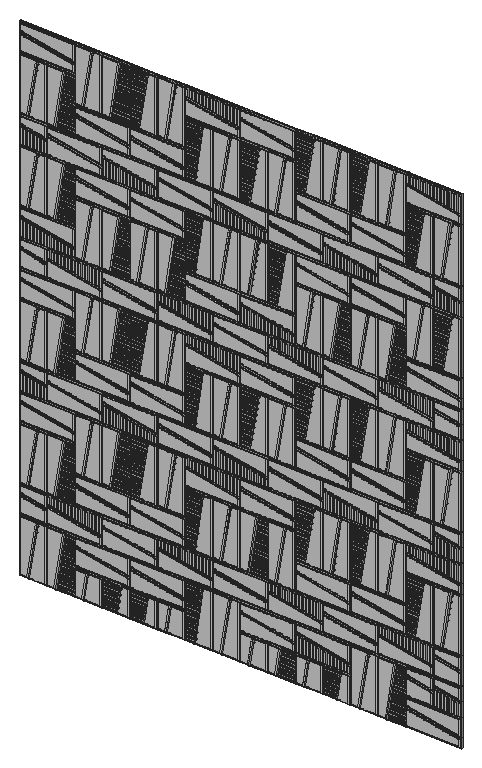
Revit family "SUR-CRV-023_RFA", category Modelos genéricos, Revit 2022 (continued)
Definition of nested family "SUR-CRV-023_B_RFA"
  Forms (in)
    Blend 39, solid, not visible
      top sketch origin (0, 0, 0) x (1, 0, 0) y (0, 0, 1)
        loop
          line (11.76378, 5.76378) -> (0.23622, 5.76378) -> (0.23622, 4.19685) -> (11.76378, 2.27559) -> (11.76378, 5.76378)
      from -0.35433 to -0.11811
    Blend 40, solid, not visible
      base sketch origin (0, 0, 0) x (1, 0, 0) y (0, 0, 1)
        loop
          line (11.76378, 5.76378) -> (0.23622, 5.76378) -> (0.23622, 4.19685) -> (11.76378, 2.27559) -> (11.76378, 5.76378)
      top sketch origin (0, 0, 0) x (1, 0, 0) y (0, 0, 1)
        loop
          line (11.64567, 2.41339) -> (11.64567, 5.64567) -> (0.35433, 5.64567) -> (0.35433, 4.29528) -> (11.64567, 2.41339)
      from -0.11811 to 0
    Blend 41, solid, not visible
      base sketch origin (0.75, 0, 0) x (1, 0, 0) y (0, 0, 1)
        loop
          line (0, 0) -> (0.75, 0) -> (0.75, 3.75) -> (0, 3.875) -> (0, 0)
      top sketch origin (0.75, 0, 0) x (1, 0, 0) y (0, 0, 1)
        loop
          line (0.23622, 3.59941) -> (0.23622, 0.23622) -> (0.51378, 0.23622) -> (0.51378, 3.55315) -> (0.23622, 3.59941)
      from -0.35433 to -0.11811
    Blend 42, solid, not visible
      base sketch origin (0.75, 0, 0) x (1, 0, 0) y (0, 0, 1)
        loop
          line (0.23622, 3.59941) -> (0.23622, 0.23622) -> (0.51378, 0.23622) -> (0.51378, 3.55315) -> (0.23622, 3.59941)
      top sketch origin (0.75, 0, 0) x (1, 0, 0) y (0, 0, 1)
        loop
          line (0.35433, 3.46161) -> (0.35433, 0.35433) -> (0.39567, 0.35433) -> (0.39567, 3.45472) -> (0.35433, 3.46161)
      from -0.11811 to 0
    Blend 43, solid, not visible
      base sketch origin (1.5, 0, 0) x (1, 0, 0) y (0, 0, 1)
        loop
          line (0, 0) -> (0.75, 0) -> (0.75, 3.625) -> (0, 3.75) -> (0, 0)
      top sketch origin (1.5, 0, 0) x (1, 0, 0) y (0, 0, 1)
        loop
          line (0.23622, 3.47441) -> (0.23622, 0.23622) -> (0.51378, 0.23622) -> (0.51378, 3.42815) -> (0.23622, 3.47441)
      from -0.35433 to -0.11811
    Blend 44, solid, not visible
      base sketch origin (1.5, 0, 0) x (1, 0, 0) y (0, 0, 1)
        loop
          line (0.23622, 3.47441) -> (0.23622, 0.23622) -> (0.51378, 0.23622) -> (0.51378, 3.42815) -> (0.23622, 3.47441)
      top sketch origin (1.5, 0, 0) x (1, 0, 0) y (0, 0, 1)
        loop
          line (0.35433, 3.33661) -> (0.35433, 0.35433) -> (0.39567, 0.35433) -> (0.39567, 3.32972) -> (0.35433, 3.33661)
      from -0.11811 to 0
    Blend 45, solid, not visible
      base sketch origin (2.25, 0, 0) x (1, 0, 0) y (0, 0, 1)
        loop
          line (0, 0) -> (0.75, 0) -> (0.75, 3.5) -> (0, 3.625) -> (0, 0)
      top sketch origin (2.25, 0, 0) x (1, 0, 0) y (0, 0, 1)
        loop
          line (0.23622, 3.34941) -> (0.23622, 0.23622) -> (0.51378, 0.23622) -> (0.51378, 3.30315) -> (0.23622, 3.34941)
      from -0.35433 to -0.11811
    Blend 46, solid, not visible
      base sketch origin (2.25, 0, 0) x (1, 0, 0) y (0, 0, 1)
        loop
          line (0.23622, 3.34941) -> (0.23622, 0.23622) -> (0.51378, 0.23622) -> (0.51378, 3.30315) -> (0.23622, 3.34941)
      top sketch origin (2.25, 0, 0) x (1, 0, 0) y (0, 0, 1)
        loop
          line (0.35433, 3.21161) -> (0.35433, 0.35433) -> (0.39567, 0.35433) -> (0.39567, 3.20472) -> (0.35433, 3.21161)
      from -0.11811 to 0
    Blend 47, solid, not visible
      base sketch origin (3, 0, 0) x (1, 0, 0) y (0, 0, 1)
        loop
          line (0, 0) -> (0.75, 0) -> (0.75, 3.375) -> (0, 3.5) -> (0, 0)
      top sketch origin (3, 0, 0) x (1, 0, 0) y (0, 0, 1)
        loop
          line (0.23622, 3.22441) -> (0.23622, 0.23622) -> (0.51378, 0.23622) -> (0.51378, 3.17815) -> (0.23622, 3.22441)
      from -0.35433 to -0.11811
    Blend 48, solid, not visible
      base sketch origin (3, 0, 0) x (1, 0, 0) y (0, 0, 1)
        loop
          line (0.23622, 3.22441) -> (0.23622, 0.23622) -> (0.51378, 0.23622) -> (0.51378, 3.17815) -> (0.23622, 3.22441)
      top sketch origin (3, 0, 0) x (1, 0, 0) y (0, 0, 1)
        loop
          line (0.35433, 3.08661) -> (0.35433, 0.35433) -> (0.39567, 0.35433) -> (0.39567, 3.07972) -> (0.35433, 3.08661)
      from -0.11811 to 0
    Blend 49, solid, not visible
      base sketch origin (3.75, 0, 0) x (1, 0, 0) y (0, 0, 1)
        loop
          line (0, 0) -> (0.75, 0) -> (0.75, 3.25) -> (0, 3.375) -> (0, 0)
      top sketch origin (3.75, 0, 0) x (1, 0, 0) y (0, 0, 1)
        loop
          line (0.23622, 3.09941) -> (0.23622, 0.23622) -> (0.51378, 0.23622) -> (0.51378, 3.05315) -> (0.23622, 3.09941)
      from -0.35433 to -0.11811
    Blend 50, solid, not visible
      base sketch origin (3.75, 0, 0) x (1, 0, 0) y (0, 0, 1)
        loop
          line (0.23622, 3.09941) -> (0.23622, 0.23622) -> (0.51378, 0.23622) -> (0.51378, 3.05315) -> (0.23622, 3.09941)
      top sketch origin (3.75, 0, 0) x (1, 0, 0) y (0, 0, 1)
        loop
          line (0.35433, 2.96161) -> (0.35433, 0.35433) -> (0.39567, 0.35433) -> (0.39567, 2.95472) -> (0.35433, 2.96161)
      from -0.11811 to 0
    Blend 51, solid, not visible
      base sketch origin (4.5, 0, 0) x (1, 0, 0) y (0, 0, 1)
        loop
          line (0, 0) -> (0.75, 0) -> (0.75, 3.125) -> (0, 3.25) -> (0, 0)
      top sketch origin (4.5, 0, 0) x (1, 0, 0) y (0, 0, 1)
        loop
          line (0.23622, 2.97441) -> (0.23622, 0.23622) -> (0.51378, 0.23622) -> (0.51378, 2.92815) -> (0.23622, 2.97441)
      from -0.35433 to -0.11811
    Blend 52, solid, not visible
      base sketch origin (4.5, 0, 0) x (1, 0, 0) y (0, 0, 1)
        loop
          line (0.23622, 2.97441) -> (0.23622, 0.23622) -> (0.51378, 0.23622) -> (0.51378, 2.92815) -> (0.23622, 2.97441)
      top sketch origin (4.5, 0, 0) x (1, 0, 0) y (0, 0, 1)
        loop
          line (0.35433, 2.83661) -> (0.35433, 0.35433) -> (0.39567, 0.35433) -> (0.39567, 2.82972) -> (0.35433, 2.83661)
      from -0.11811 to 0
    Blend 53, solid, not visible
      base sketch origin (5.25, 0, 0) x (1, 0, 0) y (0, 0, 1)
        loop
          line (0, 0) -> (0.75, 0) -> (0.75, 3) -> (0, 3.125) -> (0, 0)
      top sketch origin (5.25, 0, 0) x (1, 0, 0) y (0, 0, 1)
        loop
          line (0.23622, 2.84941) -> (0.23622, 0.23622) -> (0.51378, 0.23622) -> (0.51378, 2.80315) -> (0.23622, 2.84941)
      from -0.35433 to -0.11811
    Blend 54, solid, not visible
      base sketch origin (5.25, 0, 0) x (1, 0, 0) y (0, 0, 1)
        loop
          line (0.23622, 2.84941) -> (0.23622, 0.23622) -> (0.51378, 0.23622) -> (0.51378, 2.80315) -> (0.23622, 2.84941)
      top sketch origin (5.25, 0, 0) x (1, 0, 0) y (0, 0, 1)
        loop
          line (0.35433, 2.71161) -> (0.35433, 0.35433) -> (0.39567, 0.35433) -> (0.39567, 2.70472) -> (0.35433, 2.71161)
      from -0.11811 to 0
    Blend 55, solid, not visible
      base sketch origin (6, 0, 0) x (1, 0, 0) y (0, 0, 1)
        loop
          line (0, 0) -> (0.75, 0) -> (0.75, 2.875) -> (0, 3) -> (0, 0)
      top sketch origin (6, 0, 0) x (1, 0, 0) y (0, 0, 1)
        loop
          line (0.23622, 2.72441) -> (0.23622, 0.23622) -> (0.51378, 0.23622) -> (0.51378, 2.67815) -> (0.23622, 2.72441)
      from -0.35433 to -0.11811
    Blend 56, solid, not visible
      base sketch origin (6, 0, 0) x (1, 0, 0) y (0, 0, 1)
        loop
          line (0.23622, 2.72441) -> (0.23622, 0.23622) -> (0.51378, 0.23622) -> (0.51378, 2.67815) -> (0.23622, 2.72441)
      top sketch origin (6, 0, 0) x (1, 0, 0) y (0, 0, 1)
        loop
          line (0.35433, 2.58661) -> (0.35433, 0.35433) -> (0.39567, 0.35433) -> (0.39567, 2.57972) -> (0.35433, 2.58661)
      from -0.11811 to 0
    Blend 57, solid, not visible
      base sketch origin (6.75, 0, 0) x (1, 0, 0) y (0, 0, 1)
        loop
          line (0, 0) -> (0.75, 0) -> (0.75, 2.75) -> (0, 2.875) -> (0, 0)
      top sketch origin (6.75, 0, 0) x (1, 0, 0) y (0, 0, 1)
        loop
          line (0.23622, 2.59941) -> (0.23622, 0.23622) -> (0.51378, 0.23622) -> (0.51378, 2.55315) -> (0.23622, 2.59941)
      from -0.35433 to -0.11811
    Blend 58, solid, not visible
      base sketch origin (6.75, 0, 0) x (1, 0, 0) y (0, 0, 1)
        loop
          line (0.23622, 2.59941) -> (0.23622, 0.23622) -> (0.51378, 0.23622) -> (0.51378, 2.55315) -> (0.23622, 2.59941)
      top sketch origin (6.75, 0, 0) x (1, 0, 0) y (0, 0, 1)
        loop
          line (0.35433, 2.46161) -> (0.35433, 0.35433) -> (0.39567, 0.35433) -> (0.39567, 2.45472) -> (0.35433, 2.46161)
      from -0.11811 to 0
    Blend 59, solid, not visible
      base sketch origin (7.5, 0, 0) x (1, 0, 0) y (0, 0, 1)
        loop
          line (0, 0) -> (0.75, 0) -> (0.75, 2.625) -> (0, 2.75) -> (0, 0)
      top sketch origin (7.5, 0, 0) x (1, 0, 0) y (0, 0, 1)
        loop
          line (0.23622, 2.47441) -> (0.23622, 0.23622) -> (0.51378, 0.23622) -> (0.51378, 2.42815) -> (0.23622, 2.47441)
      from -0.35433 to -0.11811
    Blend 60, solid, not visible
      base sketch origin (7.5, 0, 0) x (1, 0, 0) y (0, 0, 1)
        loop
          line (0.23622, 2.47441) -> (0.23622, 0.23622) -> (0.51378, 0.23622) -> (0.51378, 2.42815) -> (0.23622, 2.47441)
      top sketch origin (7.5, 0, 0) x (1, 0, 0) y (0, 0, 1)
        loop
          line (0.35433, 2.33661) -> (0.35433, 0.35433) -> (0.39567, 0.35433) -> (0.39567, 2.32972) -> (0.35433, 2.33661)
      from -0.11811 to 0
    Blend 61, solid, not visible
      base sketch origin (8.25, 0, 0) x (1, 0, 0) y (0, 0, 1)
        loop
          line (0, 0) -> (0.75, 0) -> (0.75, 2.5) -> (0, 2.625) -> (0, 0)
      top sketch origin (8.25, 0, 0) x (1, 0, 0) y (0, 0, 1)
        loop
          line (0.23622, 2.34941) -> (0.23622, 0.23622) -> (0.51378, 0.23622) -> (0.51378, 2.30315) -> (0.23622, 2.34941)
      from -0.35433 to -0.11811
    Blend 62, solid, not visible
      base sketch origin (8.25, 0, 0) x (1, 0, 0) y (0, 0, 1)
        loop
          line (0.23622, 2.34941) -> (0.23622, 0.23622) -> (0.51378, 0.23622) -> (0.51378, 2.30315) -> (0.23622, 2.34941)
      top sketch origin (8.25, 0, 0) x (1, 0, 0) y (0, 0, 1)
        loop
          line (0.35433, 2.21161) -> (0.35433, 0.35433) -> (0.39567, 0.35433) -> (0.39567, 2.20472) -> (0.35433, 2.21161)
      from -0.11811 to 0
    Blend 63, solid, not visible
      base sketch origin (9, 0, 0) x (1, 0, 0) y (0, 0, 1)
        loop
          line (0, 0) -> (0.75, 0) -> (0.75, 2.375) -> (0, 2.5) -> (0, 0)
      top sketch origin (9, 0, 0) x (1, 0, 0) y (0, 0, 1)
        loop
          line (0.23622, 2.22441) -> (0.23622, 0.23622) -> (0.51378, 0.23622) -> (0.51378, 2.17815) -> (0.23622, 2.22441)
      from -0.35433 to -0.11811
    Blend 64, solid, not visible
      base sketch origin (9, 0, 0) x (1, 0, 0) y (0, 0, 1)
        loop
          line (0.23622, 2.22441) -> (0.23622, 0.23622) -> (0.51378, 0.23622) -> (0.51378, 2.17815) -> (0.23622, 2.22441)
      top sketch origin (9, 0, 0) x (1, 0, 0) y (0, 0, 1)
        loop
          line (0.35433, 2.08661) -> (0.35433, 0.35433) -> (0.39567, 0.35433) -> (0.39567, 2.07972) -> (0.35433, 2.08661)
      from -0.11811 to 0
    Blend 65, solid, not visible
      base sketch origin (9.75, 0, 0) x (1, 0, 0) y (0, 0, 1)
        loop
          line (0, 0) -> (0.75, 0) -> (0.75, 2.25) -> (0, 2.375) -> (0, 0)
      top sketch origin (9.75, 0, 0) x (1, 0, 0) y (0, 0, 1)
        loop
          line (0.23622, 2.09941) -> (0.23622, 0.23622) -> (0.51378, 0.23622) -> (0.51378, 2.05315) -> (0.23622, 2.09941)
      from -0.35433 to -0.11811
    Blend 66, solid, not visible
      base sketch origin (9.75, 0, 0) x (1, 0, 0) y (0, 0, 1)
        loop
          line (0.23622, 2.09941) -> (0.23622, 0.23622) -> (0.51378, 0.23622) -> (0.51378, 2.05315) -> (0.23622, 2.09941)
      top sketch origin (9.75, 0, 0) x (1, 0, 0) y (0, 0, 1)
        loop
          line (0.35433, 1.96161) -> (0.35433, 0.35433) -> (0.39567, 0.35433) -> (0.39567, 1.95472) -> (0.35433, 1.96161)
      from -0.11811 to 0
    Blend 67, solid, not visible
      base sketch origin (10.5, 0, 0) x (1, 0, 0) y (0, 0, 1)
        loop
          line (0, 0) -> (0.75, 0) -> (0.75, 2.125) -> (0, 2.25) -> (0, 0)
      top sketch origin (10.5, 0, 0) x (1, 0, 0) y (0, 0, 1)
        loop
          line (0.23622, 1.97441) -> (0.23622, 0.23622) -> (0.51378, 0.23622) -> (0.51378, 1.92815) -> (0.23622, 1.97441)
      from -0.35433 to -0.11811
    Blend 68, solid, not visible
      base sketch origin (10.5, 0, 0) x (1, 0, 0) y (0, 0, 1)
        loop
          line (0.23622, 1.97441) -> (0.23622, 0.23622) -> (0.51378, 0.23622) -> (0.51378, 1.92815) -> (0.23622, 1.97441)
      top sketch origin (10.5, 0, 0) x (1, 0, 0) y (0, 0, 1)
        loop
          line (0.35433, 1.83661) -> (0.35433, 0.35433) -> (0.39567, 0.35433) -> (0.39567, 1.82972) -> (0.35433, 1.83661)
      from -0.11811 to 0
    Blend 69, solid, not visible
      base sketch origin (11.25, 0, 0) x (1, 0, 0) y (0, 0, 1)
        loop
          line (0, 0) -> (0.75, 0) -> (0.75, 2) -> (0, 2.125) -> (0, 0)
      top sketch origin (11.25, 0, 0) x (1, 0, 0) y (0, 0, 1)
        loop
          line (0.23622, 1.84941) -> (0.23622, 0.23622) -> (0.51378, 0.23622) -> (0.51378, 1.80315) -> (0.23622, 1.84941)
      from -0.35433 to -0.11811
    Blend 70, solid, not visible
      base sketch origin (11.25, 0, 0) x (1, 0, 0) y (0, 0, 1)
        loop
          line (0.23622, 1.84941) -> (0.23622, 0.23622) -> (0.51378, 0.23622) -> (0.51378, 1.80315) -> (0.23622, 1.84941)
      top sketch origin (11.25, 0, 0) x (1, 0, 0) y (0, 0, 1)
        loop
          line (0.35433, 1.71161) -> (0.35433, 0.35433) -> (0.39567, 0.35433) -> (0.39567, 1.70472) -> (0.35433, 1.71161)
      from -0.11811 to 0
  Dimensions and locks (in)
    aligned and locked: level to plane 2
Definition of nested family "SUR-CRV-023_C_RFA"
  Parameters
    Default Elevation = 0.00"
  Reference planes (in)
    plane 1 "Centro (Frontal/Posterior)": y = 0
    plane 2: z = 0
    plane 3 "Centro (Izquierda/Derecha)": x = 0
  Forms (in)
    Extrusion 1, solid
      sketch origin (0, 0, 0) x (1, 0, 0) y (0, 0, 1)
        loop
          line (0, 6) -> (0, 0) -> (6, 0) -> (6, 6) -> (0, 6)
      from -0.59055 to -0.35433
    Blend 2, solid
      base sketch origin (0, 0, 0) x (1, 0, 0) y (0, 0, 1)
        loop
          line (0, 4) -> (6, 3) -> (6, 6) -> (0, 6) -> (0, 4)
      top sketch origin (0, 0, 0) x (1, 0, 0) y (0, 0, 1)
        loop
          line (5.76378, 5.76378) -> (0.23622, 5.76378) -> (0.23622, 4.19685) -> (5.76378, 3.27559) -> (5.76378, 5.76378)
      from -0.35433 to -0.11811
    Blend 3, solid
      base sketch origin (0, 0, 0) x (1, 0, 0) y (0, 0, 1)
        loop
          line (5.76378, 5.76378) -> (0.23622, 5.76378) -> (0.23622, 4.19685) -> (5.76378, 3.27559) -> (5.76378, 5.76378)
      top sketch origin (0, 0, 0) x (1, 0, 0) y (0, 0, 1)
        loop
          line (5.64567, 3.41339) -> (5.64567, 5.64567) -> (0.35433, 5.64567) -> (0.35433, 4.29528) -> (5.64567, 3.41339)
      from -0.11811 to 0
    Blend 4, solid
      base sketch origin (5.25, 0, 0) x (1, 0, 0) y (0, 0, 1)
        loop
          line (-5.25, 0) -> (0.75, 0) -> (0.75, 3) -> (-5.25, 4) -> (-5.25, 0)
      top sketch origin (5.25, 0, 0) x (1, 0, 0) y (0, 0, 1)
        loop
          line (-5.01378, 3.72441) -> (-5.01378, 0.23622) -> (0.51378, 0.23622) -> (0.51378, 2.80315) -> (-5.01378, 3.72441)
      from -0.35433 to -0.11811
    Blend 5, solid
      base sketch origin (5.25, 0, 0) x (1, 0, 0) y (0, 0, 1)
        loop
          line (-5.01378, 3.72441) -> (-5.01378, 0.23622) -> (0.51378, 0.23622) -> (0.51378, 2.80315) -> (-5.01378, 3.72441)
      top sketch origin (5.25, 0, 0) x (1, 0, 0) y (0, 0, 1)
        loop
          line (-4.89567, 3.58661) -> (-4.89567, 0.35433) -> (0.39567, 0.35433) -> (0.39567, 2.70472) -> (-4.89567, 3.58661)
      from -0.11811 to 0
    Extrusion 6, solid, not visible
      sketch origin (0, 0, 0) x (1, 0, 0) y (0, 0, 1)
        loop
          line (0, 6) -> (0, 0) -> (6, 0) -> (6, 6) -> (0, 6)
      from -0.59055 to -0.35433
    Blend 7, solid, not visible
      base sketch origin (0, 0, 0) x (1, 0, 0) y (0, 0, 1)
        loop
          line (0, 4) -> (6, 3) -> (6, 6) -> (0, 6) -> (0, 4)
      top sketch origin (0, 0, 0) x (1, 0, 0) y (0, 0, 1)
        loop
          line (5.76378, 5.76378) -> (0.23622, 5.76378) -> (0.23622, 4.19685) -> (5.76378, 3.27559) -> (5.76378, 5.76378)
      from -0.35433 to -0.11811
    Blend 8, solid, not visible
      base sketch origin (0, 0, 0) x (1, 0, 0) y (0, 0, 1)
        loop
          line (5.76378, 5.76378) -> (0.23622, 5.76378) -> (0.23622, 4.19685) -> (5.76378, 3.27559) -> (5.76378, 5.76378)
      top sketch origin (0, 0, 0) x (1, 0, 0) y (0, 0, 1)
        loop
          line (5.64567, 3.41339) -> (5.64567, 5.64567) -> (0.35433, 5.64567) -> (0.35433, 4.29528) -> (5.64567, 3.41339)
      from -0.11811 to 0
    Blend 9, solid, not visible
      base sketch origin (5.25, 0, 0) x (1, 0, 0) y (0, 0, 1)
        loop
          line (-5.25, 0) -> (0.75, 0) -> (0.75, 3) -> (-5.25, 4) -> (-5.25, 0)
      top sketch origin (5.25, 0, 0) x (1, 0, 0) y (0, 0, 1)
        loop
          line (-5.01378, 3.72441) -> (-5.01378, 0.23622) -> (0.51378, 0.23622) -> (0.51378, 2.80315) -> (-5.01378, 3.72441)
      from -0.35433 to -0.11811
    Blend 10, solid, not visible
      base sketch origin (5.25, 0, 0) x (1, 0, 0) y (0, 0, 1)
        loop
          line (-5.01378, 3.72441) -> (-5.01378, 0.23622) -> (0.51378, 0.23622) -> (0.51378, 2.80315) -> (-5.01378, 3.72441)
      top sketch origin (5.25, 0, 0) x (1, 0, 0) y (0, 0, 1)
        loop
          line (-4.89567, 3.58661) -> (-4.89567, 0.35433) -> (0.39567, 0.35433) -> (0.39567, 2.70472) -> (-4.89567, 3.58661)
      from -0.11811 to 0
  Dimensions and locks (in)
    aligned and locked: level to plane 2
Definition of nested family "SUR-CRV-023_D_RFA"
  Parameters
    Default Elevation = 0.00"
  Reference planes (in)
    plane 1 "Centro (Frontal/Posterior)": y = 0
    plane 2: z = 0
    plane 3 "Centro (Izquierda/Derecha)": x = 0
  Forms (in)
    Extrusion 1, solid
      sketch origin (0, 0, 0) x (1, 0, 0) y (0, 0, 1)
        loop
          line (0, 6) -> (0, 0) -> (6, 0) -> (6, 6) -> (0, 6)
      from -0.59055 to -0.35433
    Blend 2, solid
      base sketch origin (0, 0, 0) x (1, 0, 0) y (0, 0, 1)
        loop
          line (0, 0) -> (0.75, 0) -> (0.75, 3.875) -> (0, 4) -> (0, 0)
      top sketch origin (0, 0, 0) x (1, 0, 0) y (0, 0, 1)
        loop
          line (0.23622, 3.72441) -> (0.23622, 0.23622) -> (0.51378, 0.23622) -> (0.51378, 3.67815) -> (0.23622, 3.72441)
      from -0.35433 to -0.11811
    Blend 3, solid
      base sketch origin (0, 0, 0) x (1, 0, 0) y (0, 0, 1)
        loop
          line (0.23622, 3.72441) -> (0.23622, 0.23622) -> (0.51378, 0.23622) -> (0.51378, 3.67815) -> (0.23622, 3.72441)
      top sketch origin (0, 0, 0) x (1, 0, 0) y (0, 0, 1)
        loop
          line (0.35433, 3.58661) -> (0.35433, 0.35433) -> (0.39567, 0.35433) -> (0.39567, 3.57972) -> (0.35433, 3.58661)
      from -0.11811 to 0
    Blend 4, solid
      base sketch origin (0, 0, 0) x (1, 0, 0) y (0, 0, 1)
        loop
          line (0, 4) -> (6, 3) -> (6, 6) -> (0, 6) -> (0, 4)
      top sketch origin (0, 0, 0) x (1, 0, 0) y (0, 0, 1)
        loop
          line (5.76378, 5.76378) -> (0.23622, 5.76378) -> (0.23622, 4.19685) -> (5.76378, 3.27559) -> (5.76378, 5.76378)
      from -0.35433 to -0.11811
    Blend 5, solid
      base sketch origin (0, 0, 0) x (1, 0, 0) y (0, 0, 1)
        loop
          line (5.76378, 5.76378) -> (0.23622, 5.76378) -> (0.23622, 4.19685) -> (5.76378, 3.27559) -> (5.76378, 5.76378)
      top sketch origin (0, 0, 0) x (1, 0, 0) y (0, 0, 1)
        loop
          line (5.64567, 3.41339) -> (5.64567, 5.64567) -> (0.35433, 5.64567) -> (0.35433, 4.29528) -> (5.64567, 3.41339)
      from -0.11811 to 0
    Blend 6, solid
      base sketch origin (0.75, 0, 0) x (1, 0, 0) y (0, 0, 1)
        loop
          line (0, 0) -> (0.75, 0) -> (0.75, 3.75) -> (0, 3.875) -> (0, 0)
      top sketch origin (0.75, 0, 0) x (1, 0, 0) y (0, 0, 1)
        loop
          line (0.23622, 3.59941) -> (0.23622, 0.23622) -> (0.51378, 0.23622) -> (0.51378, 3.55315) -> (0.23622, 3.59941)
      from -0.35433 to -0.11811
    Blend 7, solid
      base sketch origin (0.75, 0, 0) x (1, 0, 0) y (0, 0, 1)
        loop
          line (0.23622, 3.59941) -> (0.23622, 0.23622) -> (0.51378, 0.23622) -> (0.51378, 3.55315) -> (0.23622, 3.59941)
      top sketch origin (0.75, 0, 0) x (1, 0, 0) y (0, 0, 1)
        loop
          line (0.35433, 3.46161) -> (0.35433, 0.35433) -> (0.39567, 0.35433) -> (0.39567, 3.45472) -> (0.35433, 3.46161)
      from -0.11811 to 0
    Blend 8, solid
      base sketch origin (1.5, 0, 0) x (1, 0, 0) y (0, 0, 1)
        loop
          line (0, 0) -> (0.75, 0) -> (0.75, 3.625) -> (0, 3.75) -> (0, 0)
      top sketch origin (1.5, 0, 0) x (1, 0, 0) y (0, 0, 1)
        loop
          line (0.23622, 3.47441) -> (0.23622, 0.23622) -> (0.51378, 0.23622) -> (0.51378, 3.42815) -> (0.23622, 3.47441)
      from -0.35433 to -0.11811
    Blend 9, solid
      base sketch origin (1.5, 0, 0) x (1, 0, 0) y (0, 0, 1)
        loop
          line (0.23622, 3.47441) -> (0.23622, 0.23622) -> (0.51378, 0.23622) -> (0.51378, 3.42815) -> (0.23622, 3.47441)
      top sketch origin (1.5, 0, 0) x (1, 0, 0) y (0, 0, 1)
        loop
          line (0.35433, 3.33661) -> (0.35433, 0.35433) -> (0.39567, 0.35433) -> (0.39567, 3.32972) -> (0.35433, 3.33661)
      from -0.11811 to 0
    Blend 10, solid
      base sketch origin (2.25, 0, 0) x (1, 0, 0) y (0, 0, 1)
        loop
          line (0, 0) -> (0.75, 0) -> (0.75, 3.5) -> (0, 3.625) -> (0, 0)
      top sketch origin (2.25, 0, 0) x (1, 0, 0) y (0, 0, 1)
        loop
          line (0.23622, 3.34941) -> (0.23622, 0.23622) -> (0.51378, 0.23622) -> (0.51378, 3.30315) -> (0.23622, 3.34941)
      from -0.35433 to -0.11811
    Blend 11, solid
      base sketch origin (2.25, 0, 0) x (1, 0, 0) y (0, 0, 1)
        loop
          line (0.23622, 3.34941) -> (0.23622, 0.23622) -> (0.51378, 0.23622) -> (0.51378, 3.30315) -> (0.23622, 3.34941)
      top sketch origin (2.25, 0, 0) x (1, 0, 0) y (0, 0, 1)
        loop
          line (0.35433, 3.21161) -> (0.35433, 0.35433) -> (0.39567, 0.35433) -> (0.39567, 3.20472) -> (0.35433, 3.21161)
      from -0.11811 to 0
    Blend 12, solid
      base sketch origin (3, 0, 0) x (1, 0, 0) y (0, 0, 1)
        loop
          line (0, 0) -> (0.75, 0) -> (0.75, 3.375) -> (0, 3.5) -> (0, 0)
      top sketch origin (3, 0, 0) x (1, 0, 0) y (0, 0, 1)
        loop
          line (0.23622, 3.22441) -> (0.23622, 0.23622) -> (0.51378, 0.23622) -> (0.51378, 3.17815) -> (0.23622, 3.22441)
      from -0.35433 to -0.11811
    Blend 13, solid
      base sketch origin (3, 0, 0) x (1, 0, 0) y (0, 0, 1)
        loop
          line (0.23622, 3.22441) -> (0.23622, 0.23622) -> (0.51378, 0.23622) -> (0.51378, 3.17815) -> (0.23622, 3.22441)
      top sketch origin (3, 0, 0) x (1, 0, 0) y (0, 0, 1)
        loop
          line (0.35433, 3.08661) -> (0.35433, 0.35433) -> (0.39567, 0.35433) -> (0.39567, 3.07972) -> (0.35433, 3.08661)
      from -0.11811 to 0
    Blend 14, solid
      base sketch origin (3.75, 0, 0) x (1, 0, 0) y (0, 0, 1)
        loop
          line (0, 0) -> (0.75, 0) -> (0.75, 3.25) -> (0, 3.375) -> (0, 0)
      top sketch origin (3.75, 0, 0) x (1, 0, 0) y (0, 0, 1)
        loop
          line (0.23622, 3.09941) -> (0.23622, 0.23622) -> (0.51378, 0.23622) -> (0.51378, 3.05315) -> (0.23622, 3.09941)
      from -0.35433 to -0.11811
    Blend 15, solid
      base sketch origin (3.75, 0, 0) x (1, 0, 0) y (0, 0, 1)
        loop
          line (0.23622, 3.09941) -> (0.23622, 0.23622) -> (0.51378, 0.23622) -> (0.51378, 3.05315) -> (0.23622, 3.09941)
      top sketch origin (3.75, 0, 0) x (1, 0, 0) y (0, 0, 1)
        loop
          line (0.35433, 2.96161) -> (0.35433, 0.35433) -> (0.39567, 0.35433) -> (0.39567, 2.95472) -> (0.35433, 2.96161)
      from -0.11811 to 0
    Blend 16, solid
      base sketch origin (4.5, 0, 0) x (1, 0, 0) y (0, 0, 1)
        loop
          line (0, 0) -> (0.75, 0) -> (0.75, 3.125) -> (0, 3.25) -> (0, 0)
      top sketch origin (4.5, 0, 0) x (1, 0, 0) y (0, 0, 1)
        loop
          line (0.23622, 2.97441) -> (0.23622, 0.23622) -> (0.51378, 0.23622) -> (0.51378, 2.92815) -> (0.23622, 2.97441)
      from -0.35433 to -0.11811
    Blend 17, solid
      base sketch origin (4.5, 0, 0) x (1, 0, 0) y (0, 0, 1)
        loop
          line (0.23622, 2.97441) -> (0.23622, 0.23622) -> (0.51378, 0.23622) -> (0.51378, 2.92815) -> (0.23622, 2.97441)
      top sketch origin (4.5, 0, 0) x (1, 0, 0) y (0, 0, 1)
        loop
          line (0.35433, 2.83661) -> (0.35433, 0.35433) -> (0.39567, 0.35433) -> (0.39567, 2.82972) -> (0.35433, 2.83661)
      from -0.11811 to 0
    Blend 18, solid
      base sketch origin (5.25, 0, 0) x (1, 0, 0) y (0, 0, 1)
        loop
          line (0, 0) -> (0.75, 0) -> (0.75, 3) -> (0, 3.125) -> (0, 0)
      top sketch origin (5.25, 0, 0) x (1, 0, 0) y (0, 0, 1)
        loop
          line (0.23622, 2.84941) -> (0.23622, 0.23622) -> (0.51378, 0.23622) -> (0.51378, 2.80315) -> (0.23622, 2.84941)
      from -0.35433 to -0.11811
    Blend 19, solid
      base sketch origin (5.25, 0, 0) x (1, 0, 0) y (0, 0, 1)
        loop
          line (0.23622, 2.84941) -> (0.23622, 0.23622) -> (0.51378, 0.23622) -> (0.51378, 2.80315) -> (0.23622, 2.84941)
      top sketch origin (5.25, 0, 0) x (1, 0, 0) y (0, 0, 1)
        loop
          line (0.35433, 2.71161) -> (0.35433, 0.35433) -> (0.39567, 0.35433) -> (0.39567, 2.70472) -> (0.35433, 2.71161)
      from -0.11811 to 0
    Extrusion 20, solid, not visible
      sketch origin (0, 0, 0) x (1, 0, 0) y (0, 0, 1)
        loop
          line (0, 6) -> (0, 0) -> (6, 0) -> (6, 6) -> (0, 6)
      from -0.59055 to -0.35433
    Blend 21, solid, not visible
      base sketch origin (0, 0, 0) x (1, 0, 0) y (0, 0, 1)
        loop
          line (0, 0) -> (0.75, 0) -> (0.75, 3.875) -> (0, 4) -> (0, 0)
      top sketch origin (0, 0, 0) x (1, 0, 0) y (0, 0, 1)
        loop
          line (0.23622, 3.72441) -> (0.23622, 0.23622) -> (0.51378, 0.23622) -> (0.51378, 3.67815) -> (0.23622, 3.72441)
      from -0.35433 to -0.11811
    Blend 22, solid, not visible
      base sketch origin (0, 0, 0) x (1, 0, 0) y (0, 0, 1)
        loop
          line (0.23622, 3.72441) -> (0.23622, 0.23622) -> (0.51378, 0.23622) -> (0.51378, 3.67815) -> (0.23622, 3.72441)
      top sketch origin (0, 0, 0) x (1, 0, 0) y (0, 0, 1)
        loop
          line (0.35433, 3.58661) -> (0.35433, 0.35433) -> (0.39567, 0.35433) -> (0.39567, 3.57972) -> (0.35433, 3.58661)
      from -0.11811 to 0
    Blend 23, solid, not visible
      base sketch origin (0, 0, 0) x (1, 0, 0) y (0, 0, 1)
        loop
          line (0, 4) -> (6, 3) -> (6, 6) -> (0, 6) -> (0, 4)
      top sketch origin (0, 0, 0) x (1, 0, 0) y (0, 0, 1)
        loop
          line (5.76378, 5.76378) -> (0.23622, 5.76378) -> (0.23622, 4.19685) -> (5.76378, 3.27559) -> (5.76378, 5.76378)
      from -0.35433 to -0.11811
    Blend 24, solid, not visible
      base sketch origin (0, 0, 0) x (1, 0, 0) y (0, 0, 1)
        loop
          line (5.76378, 5.76378) -> (0.23622, 5.76378) -> (0.23622, 4.19685) -> (5.76378, 3.27559) -> (5.76378, 5.76378)
      top sketch origin (0, 0, 0) x (1, 0, 0) y (0, 0, 1)
        loop
          line (5.64567, 3.41339) -> (5.64567, 5.64567) -> (0.35433, 5.64567) -> (0.35433, 4.29528) -> (5.64567, 3.41339)
      from -0.11811 to 0
    Blend 25, solid, not visible
      base sketch origin (0.75, 0, 0) x (1, 0, 0) y (0, 0, 1)
        loop
          line (0, 0) -> (0.75, 0) -> (0.75, 3.75) -> (0, 3.875) -> (0, 0)
      top sketch origin (0.75, 0, 0) x (1, 0, 0) y (0, 0, 1)
        loop
          line (0.23622, 3.59941) -> (0.23622, 0.23622) -> (0.51378, 0.23622) -> (0.51378, 3.55315) -> (0.23622, 3.59941)
      from -0.35433 to -0.11811
    Blend 26, solid, not visible
      base sketch origin (0.75, 0, 0) x (1, 0, 0) y (0, 0, 1)
        loop
          line (0.23622, 3.59941) -> (0.23622, 0.23622) -> (0.51378, 0.23622) -> (0.51378, 3.55315) -> (0.23622, 3.59941)
      top sketch origin (0.75, 0, 0) x (1, 0, 0) y (0, 0, 1)
        loop
          line (0.35433, 3.46161) -> (0.35433, 0.35433) -> (0.39567, 0.35433) -> (0.39567, 3.45472) -> (0.35433, 3.46161)
      from -0.11811 to 0
    Blend 27, solid, not visible
      base sketch origin (1.5, 0, 0) x (1, 0, 0) y (0, 0, 1)
        loop
          line (0, 0) -> (0.75, 0) -> (0.75, 3.625) -> (0, 3.75) -> (0, 0)
      top sketch origin (1.5, 0, 0) x (1, 0, 0) y (0, 0, 1)
        loop
          line (0.23622, 3.47441) -> (0.23622, 0.23622) -> (0.51378, 0.23622) -> (0.51378, 3.42815) -> (0.23622, 3.47441)
      from -0.35433 to -0.11811
    Blend 28, solid, not visible
      base sketch origin (1.5, 0, 0) x (1, 0, 0) y (0, 0, 1)
        loop
          line (0.23622, 3.47441) -> (0.23622, 0.23622) -> (0.51378, 0.23622) -> (0.51378, 3.42815) -> (0.23622, 3.47441)
      top sketch origin (1.5, 0, 0) x (1, 0, 0) y (0, 0, 1)
        loop
          line (0.35433, 3.33661) -> (0.35433, 0.35433) -> (0.39567, 0.35433) -> (0.39567, 3.32972) -> (0.35433, 3.33661)
      from -0.11811 to 0
    Blend 29, solid, not visible
      base sketch origin (2.25, 0, 0) x (1, 0, 0) y (0, 0, 1)
        loop
          line (0, 0) -> (0.75, 0) -> (0.75, 3.5) -> (0, 3.625) -> (0, 0)
      top sketch origin (2.25, 0, 0) x (1, 0, 0) y (0, 0, 1)
        loop
          line (0.23622, 3.34941) -> (0.23622, 0.23622) -> (0.51378, 0.23622) -> (0.51378, 3.30315) -> (0.23622, 3.34941)
      from -0.35433 to -0.11811
    Blend 30, solid, not visible
      base sketch origin (2.25, 0, 0) x (1, 0, 0) y (0, 0, 1)
        loop
          line (0.23622, 3.34941) -> (0.23622, 0.23622) -> (0.51378, 0.23622) -> (0.51378, 3.30315) -> (0.23622, 3.34941)
      top sketch origin (2.25, 0, 0) x (1, 0, 0) y (0, 0, 1)
        loop
          line (0.35433, 3.21161) -> (0.35433, 0.35433) -> (0.39567, 0.35433) -> (0.39567, 3.20472) -> (0.35433, 3.21161)
      from -0.11811 to 0
    Blend 31, solid, not visible
      base sketch origin (3, 0, 0) x (1, 0, 0) y (0, 0, 1)
        loop
          line (0, 0) -> (0.75, 0) -> (0.75, 3.375) -> (0, 3.5) -> (0, 0)
      top sketch origin (3, 0, 0) x (1, 0, 0) y (0, 0, 1)
        loop
          line (0.23622, 3.22441) -> (0.23622, 0.23622) -> (0.51378, 0.23622) -> (0.51378, 3.17815) -> (0.23622, 3.22441)
      from -0.35433 to -0.11811
    Blend 32, solid, not visible
      base sketch origin (3, 0, 0) x (1, 0, 0) y (0, 0, 1)
        loop
          line (0.23622, 3.22441) -> (0.23622, 0.23622) -> (0.51378, 0.23622) -> (0.51378, 3.17815) -> (0.23622, 3.22441)
      top sketch origin (3, 0, 0) x (1, 0, 0) y (0, 0, 1)
        loop
          line (0.35433, 3.08661) -> (0.35433, 0.35433) -> (0.39567, 0.35433) -> (0.39567, 3.07972) -> (0.35433, 3.08661)
      from -0.11811 to 0
    Blend 33, solid, not visible
      base sketch origin (3.75, 0, 0) x (1, 0, 0) y (0, 0, 1)
        loop
          line (0, 0) -> (0.75, 0) -> (0.75, 3.25) -> (0, 3.375) -> (0, 0)
      top sketch origin (3.75, 0, 0) x (1, 0, 0) y (0, 0, 1)
        loop
          line (0.23622, 3.09941) -> (0.23622, 0.23622) -> (0.51378, 0.23622) -> (0.51378, 3.05315) -> (0.23622, 3.09941)
      from -0.35433 to -0.11811
    Blend 34, solid, not visible
      base sketch origin (3.75, 0, 0) x (1, 0, 0) y (0, 0, 1)
        loop
          line (0.23622, 3.09941) -> (0.23622, 0.23622) -> (0.51378, 0.23622) -> (0.51378, 3.05315) -> (0.23622, 3.09941)
      top sketch origin (3.75, 0, 0) x (1, 0, 0) y (0, 0, 1)
        loop
          line (0.35433, 2.96161) -> (0.35433, 0.35433) -> (0.39567, 0.35433) -> (0.39567, 2.95472) -> (0.35433, 2.96161)
      from -0.11811 to 0
    Blend 35, solid, not visible
      base sketch origin (4.5, 0, 0) x (1, 0, 0) y (0, 0, 1)
        loop
          line (0, 0) -> (0.75, 0) -> (0.75, 3.125) -> (0, 3.25) -> (0, 0)
      top sketch origin (4.5, 0, 0) x (1, 0, 0) y (0, 0, 1)
        loop
          line (0.23622, 2.97441) -> (0.23622, 0.23622) -> (0.51378, 0.23622) -> (0.51378, 2.92815) -> (0.23622, 2.97441)
      from -0.35433 to -0.11811
    Blend 36, solid, not visible
      base sketch origin (4.5, 0, 0) x (1, 0, 0) y (0, 0, 1)
        loop
          line (0.23622, 2.97441) -> (0.23622, 0.23622) -> (0.51378, 0.23622) -> (0.51378, 2.92815) -> (0.23622, 2.97441)
      top sketch origin (4.5, 0, 0) x (1, 0, 0) y (0, 0, 1)
        loop
          line (0.35433, 2.83661) -> (0.35433, 0.35433) -> (0.39567, 0.35433) -> (0.39567, 2.82972) -> (0.35433, 2.83661)
      from -0.11811 to 0
    Blend 37, solid, not visible
      base sketch origin (5.25, 0, 0) x (1, 0, 0) y (0, 0, 1)
        loop
          line (0, 0) -> (0.75, 0) -> (0.75, 3) -> (0, 3.125) -> (0, 0)
      top sketch origin (5.25, 0, 0) x (1, 0, 0) y (0, 0, 1)
        loop
          line (0.23622, 2.84941) -> (0.23622, 0.23622) -> (0.51378, 0.23622) -> (0.51378, 2.80315) -> (0.23622, 2.84941)
      from -0.35433 to -0.11811
    Blend 38, solid, not visible
      base sketch origin (5.25, 0, 0) x (1, 0, 0) y (0, 0, 1)
        loop
          line (0.23622, 2.84941) -> (0.23622, 0.23622) -> (0.51378, 0.23622) -> (0.51378, 2.80315) -> (0.23622, 2.84941)
      top sketch origin (5.25, 0, 0) x (1, 0, 0) y (0, 0, 1)
        loop
          line (0.35433, 2.71161) -> (0.35433, 0.35433) -> (0.39567, 0.35433) -> (0.39567, 2.70472) -> (0.35433, 2.71161)
      from -0.11811 to 0
  Dimensions and locks (in)
    aligned and locked: level to plane 2
Definition of nested family "SUR-CRV-023_B_2_RFA"
  Parameters (values of type "SUR-CRV-023_B_2_RFA")
    Default Elevation = 0.00"
  Reference planes (in)
    plane 1 "Centro (Frontal/Posterior)": y = 0
    plane 2: z = 0
    plane 3 "Centro (Izquierda/Derecha)": x = 0
  Forms (in)
    Extrusion 1, solid
      sketch origin (6, 0, 0) x (0, 0, 1) y (-1, 0, 0)
        loop
          line (0, 6) -> (0, 0) -> (12, 0) -> (12, 6) -> (0, 6)
      from -0.59055 to -0.35433
    Blend 2, solid
      base sketch origin (6, 0, 0) x (0, 0, 1) y (-1, 0, 0)
        loop
          line (0, 0) -> (0.75, 0) -> (0.75, 3.875) -> (0, 4) -> (0, 0)
      top sketch origin (6, 0, 0) x (0, 0, 1) y (-1, 0, 0)
        loop
          line (0.23622, 3.72441) -> (0.23622, 0.23622) -> (0.51378, 0.23622) -> (0.51378, 3.67815) -> (0.23622, 3.72441)
      from -0.35433 to -0.11811
    Blend 3, solid
      base sketch origin (6, 0, 0) x (0, 0, 1) y (-1, 0, 0)
        loop
          line (0.23622, 3.72441) -> (0.23622, 0.23622) -> (0.51378, 0.23622) -> (0.51378, 3.67815) -> (0.23622, 3.72441)
      top sketch origin (6, 0, 0) x (0, 0, 1) y (-1, 0, 0)
        loop
          line (0.35433, 3.58661) -> (0.35433, 0.35433) -> (0.39567, 0.35433) -> (0.39567, 3.57972) -> (0.35433, 3.58661)
      from -0.11811 to 0
    Blend 4, solid
      base sketch origin (6, 0, 0) x (0, 0, 1) y (-1, 0, 0)
        loop
          line (0, 4) -> (12, 2) -> (12, 6) -> (0, 6) -> (0, 4)
      top sketch origin (6, 0, 0) x (0, 0, 1) y (-1, 0, 0)
        loop
          line (11.76378, 5.76378) -> (0.23622, 5.76378) -> (0.23622, 4.19685) -> (11.76378, 2.27559) -> (11.76378, 5.76378)
      from -0.35433 to -0.11811
    Blend 5, solid
      base sketch origin (6, 0, 0) x (0, 0, 1) y (-1, 0, 0)
        loop
          line (11.76378, 5.76378) -> (0.23622, 5.76378) -> (0.23622, 4.19685) -> (11.76378, 2.27559) -> (11.76378, 5.76378)
      top sketch origin (6, 0, 0) x (0, 0, 1) y (-1, 0, 0)
        loop
          line (11.64567, 2.41339) -> (11.64567, 5.64567) -> (0.35433, 5.64567) -> (0.35433, 4.29528) -> (11.64567, 2.41339)
      from -0.11811 to 0
    Blend 6, solid
      base sketch origin (6, 0, 0.75) x (0, 0, 1) y (-1, 0, 0)
        loop
          line (0, 0) -> (0.75, 0) -> (0.75, 3.75) -> (0, 3.875) -> (0, 0)
      top sketch origin (6, 0, 0.75) x (0, 0, 1) y (-1, 0, 0)
        loop
          line (0.23622, 3.59941) -> (0.23622, 0.23622) -> (0.51378, 0.23622) -> (0.51378, 3.55315) -> (0.23622, 3.59941)
      from -0.35433 to -0.11811
    Blend 7, solid
      base sketch origin (6, 0, 0.75) x (0, 0, 1) y (-1, 0, 0)
        loop
          line (0.23622, 3.59941) -> (0.23622, 0.23622) -> (0.51378, 0.23622) -> (0.51378, 3.55315) -> (0.23622, 3.59941)
      top sketch origin (6, 0, 0.75) x (0, 0, 1) y (-1, 0, 0)
        loop
          line (0.35433, 3.46161) -> (0.35433, 0.35433) -> (0.39567, 0.35433) -> (0.39567, 3.45472) -> (0.35433, 3.46161)
      from -0.11811 to 0
    Blend 8, solid
      base sketch origin (6, 0, 1.5) x (0, 0, 1) y (-1, 0, 0)
        loop
          line (0, 0) -> (0.75, 0) -> (0.75, 3.625) -> (0, 3.75) -> (0, 0)
      top sketch origin (6, 0, 1.5) x (0, 0, 1) y (-1, 0, 0)
        loop
          line (0.23622, 3.47441) -> (0.23622, 0.23622) -> (0.51378, 0.23622) -> (0.51378, 3.42815) -> (0.23622, 3.47441)
      from -0.35433 to -0.11811
    Blend 9, solid
      base sketch origin (6, 0, 1.5) x (0, 0, 1) y (-1, 0, 0)
        loop
          line (0.23622, 3.47441) -> (0.23622, 0.23622) -> (0.51378, 0.23622) -> (0.51378, 3.42815) -> (0.23622, 3.47441)
      top sketch origin (6, 0, 1.5) x (0, 0, 1) y (-1, 0, 0)
        loop
          line (0.35433, 3.33661) -> (0.35433, 0.35433) -> (0.39567, 0.35433) -> (0.39567, 3.32972) -> (0.35433, 3.33661)
      from -0.11811 to 0
    Blend 10, solid
      base sketch origin (6, 0, 2.25) x (0, 0, 1) y (-1, 0, 0)
        loop
          line (0, 0) -> (0.75, 0) -> (0.75, 3.5) -> (0, 3.625) -> (0, 0)
      top sketch origin (6, 0, 2.25) x (0, 0, 1) y (-1, 0, 0)
        loop
          line (0.23622, 3.34941) -> (0.23622, 0.23622) -> (0.51378, 0.23622) -> (0.51378, 3.30315) -> (0.23622, 3.34941)
      from -0.35433 to -0.11811
    Blend 11, solid
      base sketch origin (6, 0, 2.25) x (0, 0, 1) y (-1, 0, 0)
        loop
          line (0.23622, 3.34941) -> (0.23622, 0.23622) -> (0.51378, 0.23622) -> (0.51378, 3.30315) -> (0.23622, 3.34941)
      top sketch origin (6, 0, 2.25) x (0, 0, 1) y (-1, 0, 0)
        loop
          line (0.35433, 3.21161) -> (0.35433, 0.35433) -> (0.39567, 0.35433) -> (0.39567, 3.20472) -> (0.35433, 3.21161)
      from -0.11811 to 0
    Blend 12, solid
      base sketch origin (6, 0, 3) x (0, 0, 1) y (-1, 0, 0)
        loop
          line (0, 0) -> (0.75, 0) -> (0.75, 3.375) -> (0, 3.5) -> (0, 0)
      top sketch origin (6, 0, 3) x (0, 0, 1) y (-1, 0, 0)
        loop
          line (0.23622, 3.22441) -> (0.23622, 0.23622) -> (0.51378, 0.23622) -> (0.51378, 3.17815) -> (0.23622, 3.22441)
      from -0.35433 to -0.11811
    Blend 13, solid
      base sketch origin (6, 0, 3) x (0, 0, 1) y (-1, 0, 0)
        loop
          line (0.23622, 3.22441) -> (0.23622, 0.23622) -> (0.51378, 0.23622) -> (0.51378, 3.17815) -> (0.23622, 3.22441)
      top sketch origin (6, 0, 3) x (0, 0, 1) y (-1, 0, 0)
        loop
          line (0.35433, 3.08661) -> (0.35433, 0.35433) -> (0.39567, 0.35433) -> (0.39567, 3.07972) -> (0.35433, 3.08661)
      from -0.11811 to 0
    Blend 14, solid
      base sketch origin (6, 0, 3.75) x (0, 0, 1) y (-1, 0, 0)
        loop
          line (0, 0) -> (0.75, 0) -> (0.75, 3.25) -> (0, 3.375) -> (0, 0)
      top sketch origin (6, 0, 3.75) x (0, 0, 1) y (-1, 0, 0)
        loop
          line (0.23622, 3.09941) -> (0.23622, 0.23622) -> (0.51378, 0.23622) -> (0.51378, 3.05315) -> (0.23622, 3.09941)
      from -0.35433 to -0.11811
    Blend 15, solid
      base sketch origin (6, 0, 3.75) x (0, 0, 1) y (-1, 0, 0)
        loop
          line (0.23622, 3.09941) -> (0.23622, 0.23622) -> (0.51378, 0.23622) -> (0.51378, 3.05315) -> (0.23622, 3.09941)
      top sketch origin (6, 0, 3.75) x (0, 0, 1) y (-1, 0, 0)
        loop
          line (0.35433, 2.96161) -> (0.35433, 0.35433) -> (0.39567, 0.35433) -> (0.39567, 2.95472) -> (0.35433, 2.96161)
      from -0.11811 to 0
    Blend 16, solid
      base sketch origin (6, 0, 4.5) x (0, 0, 1) y (-1, 0, 0)
        loop
          line (0, 0) -> (0.75, 0) -> (0.75, 3.125) -> (0, 3.25) -> (0, 0)
      top sketch origin (6, 0, 4.5) x (0, 0, 1) y (-1, 0, 0)
        loop
          line (0.23622, 2.97441) -> (0.23622, 0.23622) -> (0.51378, 0.23622) -> (0.51378, 2.92815) -> (0.23622, 2.97441)
      from -0.35433 to -0.11811
    Blend 17, solid
      base sketch origin (6, 0, 4.5) x (0, 0, 1) y (-1, 0, 0)
        loop
          line (0.23622, 2.97441) -> (0.23622, 0.23622) -> (0.51378, 0.23622) -> (0.51378, 2.92815) -> (0.23622, 2.97441)
      top sketch origin (6, 0, 4.5) x (0, 0, 1) y (-1, 0, 0)
        loop
          line (0.35433, 2.83661) -> (0.35433, 0.35433) -> (0.39567, 0.35433) -> (0.39567, 2.82972) -> (0.35433, 2.83661)
      from -0.11811 to 0
    Blend 18, solid
      base sketch origin (6, 0, 5.25) x (0, 0, 1) y (-1, 0, 0)
        loop
          line (0, 0) -> (0.75, 0) -> (0.75, 3) -> (0, 3.125) -> (0, 0)
      top sketch origin (6, 0, 5.25) x (0, 0, 1) y (-1, 0, 0)
        loop
          line (0.23622, 2.84941) -> (0.23622, 0.23622) -> (0.51378, 0.23622) -> (0.51378, 2.80315) -> (0.23622, 2.84941)
      from -0.35433 to -0.11811
    Blend 19, solid
      base sketch origin (6, 0, 5.25) x (0, 0, 1) y (-1, 0, 0)
        loop
          line (0.23622, 2.84941) -> (0.23622, 0.23622) -> (0.51378, 0.23622) -> (0.51378, 2.80315) -> (0.23622, 2.84941)
      top sketch origin (6, 0, 5.25) x (0, 0, 1) y (-1, 0, 0)
        loop
          line (0.35433, 2.71161) -> (0.35433, 0.35433) -> (0.39567, 0.35433) -> (0.39567, 2.70472) -> (0.35433, 2.71161)
      from -0.11811 to 0
    Blend 20, solid
      base sketch origin (6, 0, 6) x (0, 0, 1) y (-1, 0, 0)
        loop
          line (0, 0) -> (0.75, 0) -> (0.75, 2.875) -> (0, 3) -> (0, 0)
      top sketch origin (6, 0, 6) x (0, 0, 1) y (-1, 0, 0)
        loop
          line (0.23622, 2.72441) -> (0.23622, 0.23622) -> (0.51378, 0.23622) -> (0.51378, 2.67815) -> (0.23622, 2.72441)
      from -0.35433 to -0.11811
    Blend 21, solid
      base sketch origin (6, 0, 6) x (0, 0, 1) y (-1, 0, 0)
        loop
          line (0.23622, 2.72441) -> (0.23622, 0.23622) -> (0.51378, 0.23622) -> (0.51378, 2.67815) -> (0.23622, 2.72441)
      top sketch origin (6, 0, 6) x (0, 0, 1) y (-1, 0, 0)
        loop
          line (0.35433, 2.58661) -> (0.35433, 0.35433) -> (0.39567, 0.35433) -> (0.39567, 2.57972) -> (0.35433, 2.58661)
      from -0.11811 to 0
    Blend 22, solid
      base sketch origin (6, 0, 6.75) x (0, 0, 1) y (-1, 0, 0)
        loop
          line (0, 0) -> (0.75, 0) -> (0.75, 2.75) -> (0, 2.875) -> (0, 0)
      top sketch origin (6, 0, 6.75) x (0, 0, 1) y (-1, 0, 0)
        loop
          line (0.23622, 2.59941) -> (0.23622, 0.23622) -> (0.51378, 0.23622) -> (0.51378, 2.55315) -> (0.23622, 2.59941)
      from -0.35433 to -0.11811
    Blend 23, solid
      base sketch origin (6, 0, 6.75) x (0, 0, 1) y (-1, 0, 0)
        loop
          line (0.23622, 2.59941) -> (0.23622, 0.23622) -> (0.51378, 0.23622) -> (0.51378, 2.55315) -> (0.23622, 2.59941)
      top sketch origin (6, 0, 6.75) x (0, 0, 1) y (-1, 0, 0)
        loop
          line (0.35433, 2.46161) -> (0.35433, 0.35433) -> (0.39567, 0.35433) -> (0.39567, 2.45472) -> (0.35433, 2.46161)
      from -0.11811 to 0
    Blend 24, solid
      base sketch origin (6, 0, 7.5) x (0, 0, 1) y (-1, 0, 0)
        loop
          line (0, 0) -> (0.75, 0) -> (0.75, 2.625) -> (0, 2.75) -> (0, 0)
      top sketch origin (6, 0, 7.5) x (0, 0, 1) y (-1, 0, 0)
        loop
          line (0.23622, 2.47441) -> (0.23622, 0.23622) -> (0.51378, 0.23622) -> (0.51378, 2.42815) -> (0.23622, 2.47441)
      from -0.35433 to -0.11811
    Blend 25, solid
      base sketch origin (6, 0, 7.5) x (0, 0, 1) y (-1, 0, 0)
        loop
          line (0.23622, 2.47441) -> (0.23622, 0.23622) -> (0.51378, 0.23622) -> (0.51378, 2.42815) -> (0.23622, 2.47441)
      top sketch origin (6, 0, 7.5) x (0, 0, 1) y (-1, 0, 0)
        loop
          line (0.35433, 2.33661) -> (0.35433, 0.35433) -> (0.39567, 0.35433) -> (0.39567, 2.32972) -> (0.35433, 2.33661)
      from -0.11811 to 0
    Blend 26, solid
      base sketch origin (6, 0, 8.25) x (0, 0, 1) y (-1, 0, 0)
        loop
          line (0, 0) -> (0.75, 0) -> (0.75, 2.5) -> (0, 2.625) -> (0, 0)
      top sketch origin (6, 0, 8.25) x (0, 0, 1) y (-1, 0, 0)
        loop
          line (0.23622, 2.34941) -> (0.23622, 0.23622) -> (0.51378, 0.23622) -> (0.51378, 2.30315) -> (0.23622, 2.34941)
      from -0.35433 to -0.11811
    Blend 27, solid
      base sketch origin (6, 0, 8.25) x (0, 0, 1) y (-1, 0, 0)
        loop
          line (0.23622, 2.34941) -> (0.23622, 0.23622) -> (0.51378, 0.23622) -> (0.51378, 2.30315) -> (0.23622, 2.34941)
      top sketch origin (6, 0, 8.25) x (0, 0, 1) y (-1, 0, 0)
        loop
          line (0.35433, 2.21161) -> (0.35433, 0.35433) -> (0.39567, 0.35433) -> (0.39567, 2.20472) -> (0.35433, 2.21161)
      from -0.11811 to 0
    Blend 28, solid
      base sketch origin (6, 0, 9) x (0, 0, 1) y (-1, 0, 0)
        loop
          line (0, 0) -> (0.75, 0) -> (0.75, 2.375) -> (0, 2.5) -> (0, 0)
      top sketch origin (6, 0, 9) x (0, 0, 1) y (-1, 0, 0)
        loop
          line (0.23622, 2.22441) -> (0.23622, 0.23622) -> (0.51378, 0.23622) -> (0.51378, 2.17815) -> (0.23622, 2.22441)
      from -0.35433 to -0.11811
    Blend 29, solid
      base sketch origin (6, 0, 9) x (0, 0, 1) y (-1, 0, 0)
        loop
          line (0.23622, 2.22441) -> (0.23622, 0.23622) -> (0.51378, 0.23622) -> (0.51378, 2.17815) -> (0.23622, 2.22441)
      top sketch origin (6, 0, 9) x (0, 0, 1) y (-1, 0, 0)
        loop
          line (0.35433, 2.08661) -> (0.35433, 0.35433) -> (0.39567, 0.35433) -> (0.39567, 2.07972) -> (0.35433, 2.08661)
      from -0.11811 to 0
    Blend 30, solid
      base sketch origin (6, 0, 9.75) x (0, 0, 1) y (-1, 0, 0)
        loop
          line (0, 0) -> (0.75, 0) -> (0.75, 2.25) -> (0, 2.375) -> (0, 0)
      top sketch origin (6, 0, 9.75) x (0, 0, 1) y (-1, 0, 0)
        loop
          line (0.23622, 2.09941) -> (0.23622, 0.23622) -> (0.51378, 0.23622) -> (0.51378, 2.05315) -> (0.23622, 2.09941)
      from -0.35433 to -0.11811
    Blend 31, solid
      base sketch origin (6, 0, 9.75) x (0, 0, 1) y (-1, 0, 0)
        loop
          line (0.23622, 2.09941) -> (0.23622, 0.23622) -> (0.51378, 0.23622) -> (0.51378, 2.05315) -> (0.23622, 2.09941)
      top sketch origin (6, 0, 9.75) x (0, 0, 1) y (-1, 0, 0)
        loop
          line (0.35433, 1.96161) -> (0.35433, 0.35433) -> (0.39567, 0.35433) -> (0.39567, 1.95472) -> (0.35433, 1.96161)
      from -0.11811 to 0
    Blend 32, solid
      base sketch origin (6, 0, 10.5) x (0, 0, 1) y (-1, 0, 0)
        loop
          line (0, 0) -> (0.75, 0) -> (0.75, 2.125) -> (0, 2.25) -> (0, 0)
      top sketch origin (6, 0, 10.5) x (0, 0, 1) y (-1, 0, 0)
        loop
          line (0.23622, 1.97441) -> (0.23622, 0.23622) -> (0.51378, 0.23622) -> (0.51378, 1.92815) -> (0.23622, 1.97441)
      from -0.35433 to -0.11811
    Blend 33, solid
      base sketch origin (6, 0, 10.5) x (0, 0, 1) y (-1, 0, 0)
        loop
          line (0.23622, 1.97441) -> (0.23622, 0.23622) -> (0.51378, 0.23622) -> (0.51378, 1.92815) -> (0.23622, 1.97441)
      top sketch origin (6, 0, 10.5) x (0, 0, 1) y (-1, 0, 0)
        loop
          line (0.35433, 1.83661) -> (0.35433, 0.35433) -> (0.39567, 0.35433) -> (0.39567, 1.82972) -> (0.35433, 1.83661)
      from -0.11811 to 0
    Blend 34, solid
      base sketch origin (6, 0, 11.25) x (0, 0, 1) y (-1, 0, 0)
        loop
          line (0, 0) -> (0.75, 0) -> (0.75, 2) -> (0, 2.125) -> (0, 0)
      top sketch origin (6, 0, 11.25) x (0, 0, 1) y (-1, 0, 0)
        loop
          line (0.23622, 1.84941) -> (0.23622, 0.23622) -> (0.51378, 0.23622) -> (0.51378, 1.80315) -> (0.23622, 1.84941)
      from -0.35433 to -0.11811
    Blend 35, solid
      base sketch origin (6, 0, 11.25) x (0, 0, 1) y (-1, 0, 0)
        loop
          line (0.23622, 1.84941) -> (0.23622, 0.23622) -> (0.51378, 0.23622) -> (0.51378, 1.80315) -> (0.23622, 1.84941)
      top sketch origin (6, 0, 11.25) x (0, 0, 1) y (-1, 0, 0)
        loop
          line (0.35433, 1.71161) -> (0.35433, 0.35433) -> (0.39567, 0.35433) -> (0.39567, 1.70472) -> (0.35433, 1.71161)
      from -0.11811 to 0
    Extrusion 36, solid, not visible
      sketch origin (0, 0, 0) x (1, 0, 0) y (0, 0, 1)
        loop
          line (0, 6) -> (0, 0) -> (12, 0) -> (12, 6) -> (0, 6)
      from -0.59055 to -0.35433
    Blend 37, solid, not visible
      base sketch origin (0, 0, 0) x (1, 0, 0) y (0, 0, 1)
        loop
          line (0, 0) -> (0.75, 0) -> (0.75, 3.875) -> (0, 4) -> (0, 0)
      top sketch origin (0, 0, 0) x (1, 0, 0) y (0, 0, 1)
        loop
          line (0.23622, 3.72441) -> (0.23622, 0.23622) -> (0.51378, 0.23622) -> (0.51378, 3.67815) -> (0.23622, 3.72441)
      from -0.35433 to -0.11811
    Blend 38, solid, not visible
      base sketch origin (0, 0, 0) x (1, 0, 0) y (0, 0, 1)
        loop
          line (0.23622, 3.72441) -> (0.23622, 0.23622) -> (0.51378, 0.23622) -> (0.51378, 3.67815) -> (0.23622, 3.72441)
      top sketch origin (0, 0, 0) x (1, 0, 0) y (0, 0, 1)
        loop
          line (0.35433, 3.58661) -> (0.35433, 0.35433) -> (0.39567, 0.35433) -> (0.39567, 3.57972) -> (0.35433, 3.58661)
      from -0.11811 to 0
    Blend 39, solid, not visible
      base sketch origin (0, 0, 0) x (1, 0, 0) y (0, 0, 1)
        loop
          line (0, 4) -> (12, 2) -> (12, 6) -> (0, 6) -> (0, 4)
      top sketch origin (0, 0, 0) x (1, 0, 0) y (0, 0, 1)
        loop
          line (11.76378, 5.76378) -> (0.23622, 5.76378) -> (0.23622, 4.19685) -> (11.76378, 2.27559) -> (11.76378, 5.76378)
      from -0.35433 to -0.11811
    Blend 40, solid, not visible
      base sketch origin (0, 0, 0) x (1, 0, 0) y (0, 0, 1)
        loop
          line (11.76378, 5.76378) -> (0.23622, 5.76378) -> (0.23622, 4.19685) -> (11.76378, 2.27559) -> (11.76378, 5.76378)
      top sketch origin (0, 0, 0) x (1, 0, 0) y (0, 0, 1)
        loop
          line (11.64567, 2.41339) -> (11.64567, 5.64567) -> (0.35433, 5.64567) -> (0.35433, 4.29528) -> (11.64567, 2.41339)
      from -0.11811 to 0
    Blend 41, solid, not visible
      base sketch origin (0.75, 0, 0) x (1, 0, 0) y (0, 0, 1)
        loop
          line (0, 0) -> (0.75, 0) -> (0.75, 3.75) -> (0, 3.875) -> (0, 0)
      top sketch origin (0.75, 0, 0) x (1, 0, 0) y (0, 0, 1)
        loop
          line (0.23622, 3.59941) -> (0.23622, 0.23622) -> (0.51378, 0.23622) -> (0.51378, 3.55315) -> (0.23622, 3.59941)
      from -0.35433 to -0.11811
    Blend 42, solid, not visible
      base sketch origin (0.75, 0, 0) x (1, 0, 0) y (0, 0, 1)
        loop
          line (0.23622, 3.59941) -> (0.23622, 0.23622) -> (0.51378, 0.23622) -> (0.51378, 3.55315) -> (0.23622, 3.59941)
      top sketch origin (0.75, 0, 0) x (1, 0, 0) y (0, 0, 1)
        loop
          line (0.35433, 3.46161) -> (0.35433, 0.35433) -> (0.39567, 0.35433) -> (0.39567, 3.45472) -> (0.35433, 3.46161)
      from -0.11811 to 0
    Blend 43, solid, not visible
      base sketch origin (1.5, 0, 0) x (1, 0, 0) y (0, 0, 1)
        loop
          line (0, 0) -> (0.75, 0) -> (0.75, 3.625) -> (0, 3.75) -> (0, 0)
      top sketch origin (1.5, 0, 0) x (1, 0, 0) y (0, 0, 1)
        loop
          line (0.23622, 3.47441) -> (0.23622, 0.23622) -> (0.51378, 0.23622) -> (0.51378, 3.42815) -> (0.23622, 3.47441)
      from -0.35433 to -0.11811
    Blend 44, solid, not visible
      base sketch origin (1.5, 0, 0) x (1, 0, 0) y (0, 0, 1)
        loop
          line (0.23622, 3.47441) -> (0.23622, 0.23622) -> (0.51378, 0.23622) -> (0.51378, 3.42815) -> (0.23622, 3.47441)
      top sketch origin (1.5, 0, 0) x (1, 0, 0) y (0, 0, 1)
        loop
          line (0.35433, 3.33661) -> (0.35433, 0.35433) -> (0.39567, 0.35433) -> (0.39567, 3.32972) -> (0.35433, 3.33661)
      from -0.11811 to 0
    Blend 45, solid, not visible
      base sketch origin (2.25, 0, 0) x (1, 0, 0) y (0, 0, 1)
        loop
          line (0, 0) -> (0.75, 0) -> (0.75, 3.5) -> (0, 3.625) -> (0, 0)
      top sketch origin (2.25, 0, 0) x (1, 0, 0) y (0, 0, 1)
        loop
          line (0.23622, 3.34941) -> (0.23622, 0.23622) -> (0.51378, 0.23622) -> (0.51378, 3.30315) -> (0.23622, 3.34941)
      from -0.35433 to -0.11811
    Blend 46, solid, not visible
      base sketch origin (2.25, 0, 0) x (1, 0, 0) y (0, 0, 1)
        loop
          line (0.23622, 3.34941) -> (0.23622, 0.23622) -> (0.51378, 0.23622) -> (0.51378, 3.30315) -> (0.23622, 3.34941)
      top sketch origin (2.25, 0, 0) x (1, 0, 0) y (0, 0, 1)
        loop
          line (0.35433, 3.21161) -> (0.35433, 0.35433) -> (0.39567, 0.35433) -> (0.39567, 3.20472) -> (0.35433, 3.21161)
      from -0.11811 to 0
    Blend 47, solid, not visible
      base sketch origin (3, 0, 0) x (1, 0, 0) y (0, 0, 1)
        loop
          line (0, 0) -> (0.75, 0) -> (0.75, 3.375) -> (0, 3.5) -> (0, 0)
      top sketch origin (3, 0, 0) x (1, 0, 0) y (0, 0, 1)
        loop
          line (0.23622, 3.22441) -> (0.23622, 0.23622) -> (0.51378, 0.23622) -> (0.51378, 3.17815) -> (0.23622, 3.22441)
      from -0.35433 to -0.11811
    Blend 48, solid, not visible
      base sketch origin (3, 0, 0) x (1, 0, 0) y (0, 0, 1)
        loop
          line (0.23622, 3.22441) -> (0.23622, 0.23622) -> (0.51378, 0.23622) -> (0.51378, 3.17815) -> (0.23622, 3.22441)
      top sketch origin (3, 0, 0) x (1, 0, 0) y (0, 0, 1)
        loop
          line (0.35433, 3.08661) -> (0.35433, 0.35433) -> (0.39567, 0.35433) -> (0.39567, 3.07972) -> (0.35433, 3.08661)
      from -0.11811 to 0
    Blend 49, solid, not visible
      base sketch origin (3.75, 0, 0) x (1, 0, 0) y (0, 0, 1)
        loop
          line (0, 0) -> (0.75, 0) -> (0.75, 3.25) -> (0, 3.375) -> (0, 0)
